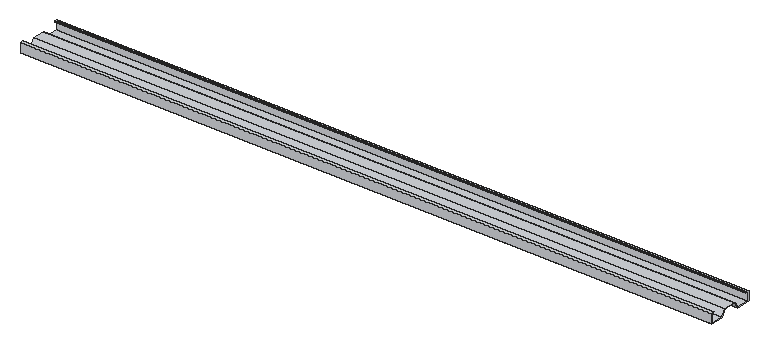
Revit family "TSN SigmaStud One Lip", category Structural Framing, Revit 2026
Family settings
  Section Shape = Not Defined
  Material for Model Behavior = Other
  Always export as geometry = No
  Classification Number = 23.25.30.11.14.14
  Always vertical = Yes
  Cut with Voids When Loaded = No
  Symbolic Representation = From Family
  Shared = No
  Show family pre-cut in plan views = Yes
Parameters (values of type "800SG162-43, 50ksi")
  d1 = 0' - 0 1/2"
  Version = "2.0"
  URL = "http://www.steelnetwork.com/product.aspx/SigmaStud"
  T = 0' - 0.0451"
  Section_DB = 6
  N = 0' - 2 1/4"
  Manufacturer = "The Steel Network, Inc."
  Length [instance] = 10' - 0"
  Delta = T / tan(45.00° + Ceta / 2)  # 0' - 0.025"
  D = 0' - 8"
  Ceta = atan((D / 2 - A - N / 2) / C)  # 32.0054°
  C = 0' - 1"
  B = 0' - 1 5/8"
  A = 0' - 2 1/4"
Types (7): name | T | Delta | D | A
  (no name) | 0' - 0 3/64" | 0' - 0.02598" | 0' - 8" | 0' - 2 1/4"
  550SG162-33, 50ksi | 0' - 0.0346" | 0' - 0.01918" | 0' - 5 1/2" | 0' - 1"
  550SG162-43, 50ksi | 0' - 0.0451" | 0' - 0.025" | 0' - 5 1/2" | 0' - 1"
  600SG162-33, 50ksi | 0' - 0.0346" | 0' - 0.01918" | 0' - 6" | 0' - 1 1/4"
  600SG162-43, 50ksi | 0' - 0.0451" | 0' - 0.025" | 0' - 6" | 0' - 1 1/4"
  800SG162-33, 50ksi | 0' - 0.0346" | 0' - 0.01918" | 0' - 8" | 0' - 2 1/4"
  800SG162-43, 50ksi | 0' - 0.0451" | 0' - 0.025" | 0' - 8" | 0' - 2 1/4"
Reference planes (in)
  plane 1 "Center (Front/Back)": y = 0
  plane 2 "Center El.": z = 0
  plane 3 "Center (Left/Right)": x = 0
  plane 4 "Left": x = -60
  plane 5 "Right": x = 60
  plane 6: z = 0
  plane 7: y = -1.125
  plane 8: y = 1.125
  plane 9: y = -1.75
  plane 10: y = 1.75527
  plane 11: y = -1.775
  plane 12: y = 1.78027
  plane 13: y = -1.15
  plane 14: y = 1.15
Forms (in)
  Extrusion 1, solid
    sketch origin (60, 0, 0) x (0, -1, 0) y (0, 0, 1)
      loop
        line (3.5, 1.625) -> (3.5, 1.5799) -> (3.9549, 1.5799) -> (3.9549, 0.0451) -> (1.775, 0.0451) -> (1.15, 1.0451) -> (-1.15, 1.0451) -> (-1.78027, 0.0451) -> (-3.9549, 0.0451) -> (-3.9549, 1.5799) -> (-3.5, 1.5799) -> (-3.5, 1.625) -> (-4, 1.625) -> (-4, 0) -> (-1.75527, 0) -> (-1.125, 1) -> (1.125, 1) -> (1.75, 0) -> (4, 0) -> (4, 1.625) -> (3.5, 1.625)
    from 0 to 120
Lines and regions (in)
  model lines, style "Stick Symbols", detail levels coarse
    curve 1: line (-60, 0, 0) -> (60, 0, 0)
Dimensions and locks (in)
  equal spacing: plane 4 "Left", plane 3 "Center (Left/Right)", plane 5 "Right"
  "Length": plane 4 "Left" to plane 5 "Right"
  "N": plane 7 to plane 8
  equal spacing: plane 7, plane 1 "Center (Front/Back)", plane 8
  "d1": Extrusion 1 to Extrusion 1  (x2)
  "T": Extrusion 1 to Extrusion 1  (x5)
  "B": Extrusion 1 to Extrusion 1
  "C": level to Extrusion 1
  "D": Extrusion 1 to Extrusion 1
  equal spacing: Extrusion 1, plane 1 "Center (Front/Back)", Extrusion 1
  "Delta": plane 11 to plane 9
  "Delta": plane 10 to plane 12
  "Delta": plane 13 to plane 7
  "Delta": plane 8 to plane 14
  aligned and locked: plane 1 "Center (Front/Back)" to curve 1
  aligned and locked: Extrusion 1 to Extrusion 1  (x3)
  aligned: plane 4 "Left" to Extrusion 1
  aligned: Extrusion 1 to plane 5 "Right"
  aligned and locked: Extrusion 1 to plane 5 "Right"
  aligned and locked: plane 4 "Left" to Extrusion 1
Automatic sketch dimensions
  Extrusion 1 sketch curve to level = 0' - 0"  (x2)
  Extrusion 1 sketch curve to plane 12 = 0' - 0"
  Extrusion 1 sketch curve to plane 10 = 0' - 0"
  Extrusion 1 sketch curve to plane 14 = 0' - 0"
  Extrusion 1 sketch curve to plane 8 = 0' - 0"
  Extrusion 1 sketch curve to plane 7 = 0' - 0"
  Extrusion 1 sketch curve to plane 13 = 0' - 0"
  Extrusion 1 sketch curve to plane 9 = 0' - 0"
  Extrusion 1 sketch curve to plane 11 = 0' - 0"
  plane 12 to Extrusion 1 sketch curve = 0' - 1.71973"
  Extrusion 1 sketch curve to Extrusion 1 sketch curve = 0' - 0.4549"  (x2)
  Extrusion 1 sketch curve to Extrusion 1 sketch curve = 0' - 0.0451"  (x5)
  Extrusion 1 sketch curve to plane 11 = 0' - 1.725"
  level to Extrusion 1 sketch curve = 0' - 0.0451"  (x2)
  level to Extrusion 1 sketch curve = 0' - 1"
  Extrusion 1 sketch curve to Extrusion 1 sketch curve = 0' - 1.5348"  (x2)
  curve 1 to plane 4 "Left" = 0' - 0"
  curve 1 to plane 5 "Right" = 0' - 0"
